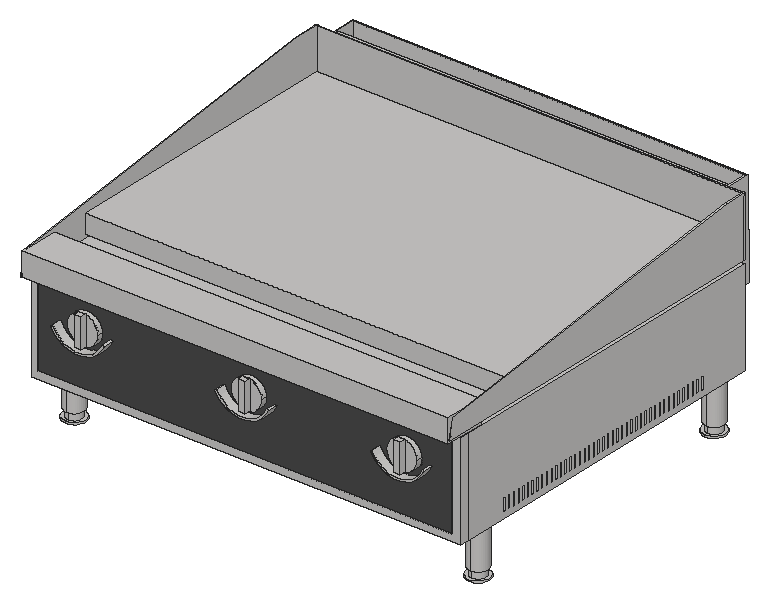
Revit family "QF_Vollrath_936GGM", category Specialty Equipment, Revit 2016
Family settings
  Part Type = Normal
  Round Connector Dimension = Use Diameter
  OmniClass Number = 23.40.40.14.17.21
  OmniClass Title = Grills
  Work Plane-Based = No
  Always vertical = Yes
  Cut with Voids When Loaded = No
  Shared = No
  Room Calculation Point = No
Parameters (values of type "936GGM")
  Width = 36.00"
  Weight in Pounds = 450
  Watermarked By = "http://revitwatermark.com"
  URL Cutsheet = ""
  URL = ""
  Status [instance] = ""
  Specification by User [instance] = ""
  Specification by Manufacturer [instance] = ""
  Serial Number [instance] = ""
  Seismic Rating [instance] = ""
  Revision Code [instance] = ""
  NAFEM Spec ID Number [instance] = ""
  Model = "936GGM"
  Mechanical Remarks [instance] = ""
  Mechanical Connection Type [instance] = ""
  Masterspec [instance] = ""
  Manufacturer = "Vollrath"
  Length = 31.00"
  Item Number [instance] = "-"
  Installed By [instance] = ""
  Height AFF [instance] = 36.62416"
  Gas Size = 3/4"
  Gas RI Height [instance] = 0.00"
  Gas Input = 90000.0 Btu/h
  Gas Connection Height [instance] = Height AFF + 5.375"  # 41.99916"
  Furnished By [instance] = ""
  Foodservice Equipment Identifier [instance] = yes
  Description = "Heavy-Duty Flat Top Gas Griddle"
  CSI MasterFormat = "11 44 00"
  Assembly Code = "E1090320"
Reference planes (in)
  plane 1: z = 0
  plane 2 "BOTTOM": z = 36.62416
  plane 3 "LEFT CLEARANCE": x = -30.72076
  plane 4 "RIGHT CLEARANCE": x = 17.27924
  plane 5 "BACK CLEARANCE": y = 6
  plane 6 "Top of Legs": z = 40.62416
  plane 7 "LEFT": x = -24.72076
  plane 8 "RIGHT": x = 11.27924
  plane 9 "BACK": y = 0
  plane 10: z = 40.37416
  plane 11: z = 40.12416
  plane 12: z = 41.5
  plane 13: y = -0.125
  plane 14: x = -24.59576
  plane 15 "Grease Trap": z = 49.00416
  plane 16 "TOP": z = 54.00416
  plane 17: y = -54.1
  plane 18: z = 37.04079
  plane 19: y = 1.5
  plane 20: z = 45.87416
  plane 21: z = 46.04707
  plane 22: z = 50.62916
  plane 23 "FRONT": y = -33
  plane 24: y = -29.62
  plane 25: y = -26.37
  plane 26: x = 11.15424
  plane 27: x = 10.53171
  plane 28: x = -2.0635
  plane 29: x = 9.9365
  plane 30: x = -6.72076
  plane 31: x = -6.22076
  plane 32: x = -6.72076
Forms (in)
  Extrusion 1, solid, material "QF_Finishes_Stainless Steel"
    sketch origin (0, -2, 36.62416) x (0, 1, 0) y (-1, 0, 0)
      loop
        circle (-2, 23.59576) r 0.9375
    from 0 to 0.125
  Extrusion 2, solid, material "QF_Finishes_Stainless Steel"
    sketch origin (0, -2, 36.62416) x (0, 1, 0) y (-1, 0, 0)
      loop
        circle (-2, 23.59576) r 0.625
    from 0.125 to 0.75
  Extrusion 3, solid, material "QF_Finishes_Stainless Steel"
    sketch origin (0, -2, 36.62416) x (0, 1, 0) y (-1, 0, 0)
      loop
        circle (-2, 23.59576) r 0.8125
    from 0.75 to 4
  Extrusion 4, solid, material "QF_Finishes_Stainless Steel"
    sketch origin (33.375, -2, 36.62416) x (0, 1, 0) y (-1, 0, 0)
      loop
        circle (-2, 23.09576) r 0.9375
    from 0 to 0.125
  Extrusion 5, solid, material "QF_Finishes_Stainless Steel"
    sketch origin (33.375, -2, 36.62416) x (0, 1, 0) y (-1, 0, 0)
      loop
        circle (-2, 23.09576) r 0.625
    from 0.125 to 0.75
  Extrusion 6, solid, material "QF_Finishes_Stainless Steel"
    sketch origin (33.375, -2, 36.62416) x (0, 1, 0) y (-1, 0, 0)
      loop
        circle (-2, 23.09576) r 0.8125
    from 0.75 to 4
  Extrusion 7, solid, material "QF_Finishes_Stainless Steel"
    sketch origin (33.375, -27.75, 36.62416) x (0, 1, 0) y (-1, 0, 0)
      loop
        circle (-1, 23.09576) r 0.9375
    from 0 to 0.125
  Extrusion 8, solid, material "QF_Finishes_Stainless Steel"
    sketch origin (33.375, -27.75, 36.62416) x (0, 1, 0) y (-1, 0, 0)
      loop
        circle (-1, 23.09576) r 0.625
    from 0.125 to 0.75
  Extrusion 9, solid, material "QF_Finishes_Stainless Steel"
    sketch origin (33.375, -27.75, 36.62416) x (0, 1, 0) y (-1, 0, 0)
      loop
        circle (-1, 23.09576) r 0.8125
    from 0.75 to 4
  Extrusion 10, solid, material "QF_Finishes_Stainless Steel"
    sketch origin (0, -27.75, 36.62416) x (0, 1, 0) y (-1, 0, 0)
      loop
        circle (-1, 23.59576) r 0.9375
    from 0 to 0.125
  Extrusion 11, solid, material "QF_Finishes_Stainless Steel"
    sketch origin (0, -27.75, 36.62416) x (0, 1, 0) y (-1, 0, 0)
      loop
        circle (-1, 23.59576) r 0.625
    from 0.125 to 0.75
  Extrusion 12, solid, material "QF_Finishes_Stainless Steel"
    sketch origin (0, -27.75, 36.62416) x (0, 1, 0) y (-1, 0, 0)
      loop
        circle (-1, 23.59576) r 0.8125
    from 0.75 to 4
  Extrusion 13, solid, material "QF_Finishes_Stainless Steel"
    sketch origin (0, -2, 36.62416) x (0, 1, 0) y (-1, 0, 0)
      loop
        line (0, 24.72076) -> (-29.04599, 24.72076) -> (-29.04599, -11.27924) -> (0, -11.27924) -> (0, 24.72076)
    from 4 to 12.06
  Extrusion 14, solid, material "QF_Finishes_Black"
    sketch origin (0, -2, 0) x (1, 0, 0) y (0, 0, 1)
      loop
        line (-18.72076, 40.62416) -> (-18.72076, 40.37416) -> (-10.62326, 40.37416) -> (-10.62326, 40.62416) -> (-18.72076, 40.62416)
    from 20.18353 to 29.04599
  Extrusion 15, solid, material "QF_Finishes_Clearances", detail levels coarse
    sketch origin (0, 0, 36.62416) x (0, 1, 0) y (-1, 0, 0)
      loop
        line (6, 30.72076) -> (-33, 30.72076) -> (-33, 24.72076) -> (6, 24.72076) -> (6, 30.72076)
    from 0 to 17.38
  Extrusion 16, solid, material "QF_Finishes_Clearances", detail levels coarse
    sketch origin (0, 0, 36.62416) x (0, 1, 0) y (-1, 0, 0)
      loop
        line (6, -11.27924) -> (-33, -11.27924) -> (-33, -17.27924) -> (6, -17.27924) -> (6, -11.27924)
    from 0 to 17.38
  Extrusion 17, solid, material "QF_Finishes_Clearances", detail levels coarse
    sketch origin (0, 0, 36.62416) x (0, 1, 0) y (-1, 0, 0)
      loop
        line (6, 24.72076) -> (0, 24.72076) -> (0, -11.27924) -> (6, -11.27924) -> (6, 24.72076)
    from 0 to 17.38
  Extrusion 18, solid, material "QF_Finishes_Stainless Steel"
    sketch origin (9.31103, -2, 0) x (1, 0, 0) y (0, 0, 1)
      loop
        circle (-9.53179, 42.12416) r 0.375
    from -1.5 to 0
  Extrusion 19, solid, material "QF_Finishes_Stainless Steel"
    sketch origin (-36.59576, -2, 0) x (0, 1, 0) y (0, 0, 1)
      loop
        line (-30.61071, 50.54818) -> (-31.00644, 48.68416) -> (0, 48.68416) -> (0, 54.00416) -> (-2.02013, 54.00416) -> (-30.61071, 50.54818)
    from 11.875 to 12
  Extrusion 20, solid, material "QF_Finishes_Stainless Steel"
    sketch origin (-24.72076, -2, 0) x (0, 1, 0) y (0, 0, 1)
      loop
        line (-27.62, 48.68416) -> (-27.62, 50.62916) -> (-31, 50.62916) -> (-31, 48.68416) -> (-27.62, 48.68416)
    from 0.125 to 35.875
  Extrusion 21, solid, material "QF_Finishes_Stainless Steel"
    sketch origin (0, -2, 10.62416) x (1, 0, 0) y (0, 0, 1)
      loop
        line (-24.72076, 38.06) -> (-24.72076, 30) -> (11.27924, 30) -> (11.27924, 38.06) -> (-24.72076, 38.06)
      loop
        line (-24.21829, 37.52818) -> (-24.21829, 30.59949) -> (10.53171, 30.59949) -> (10.53171, 37.52818) -> (-24.21829, 37.52818)
    from 29.04599 to 29.79599
  Extrusion 22, solid, material "QF_Finishes_Stainless Steel"
    sketch origin (-12.72076, -2, 0) x (0, 1, 0) y (0, 0, 1)
      loop
        line (-30.61026, 50.52484) -> (-31, 49.00416) -> (0, 49.00416) -> (0, 54.00416) -> (-1.85356, 54.00416) -> (-30.61026, 50.52484)
    from 23.875 to 24
  Extrusion 23, solid, material "QF_Finishes_Stainless Steel"
    sketch origin (-24.72076, -2, 0) x (0, 1, 0) y (0, 0, 1)
      loop
        line (-0.125, 54.00416) -> (-0.125, 49.00416) -> (0, 49.00416) -> (0, 54.00416) -> (-0.125, 54.00416)
    from 0 to 36
  Extrusion 24, solid, material "QF_Finishes_Black"
    sketch origin (0, -2, 10.62416) x (1, 0, 0) y (0, 0, 1)
      loop
        line (-24.21829, 37.52818) -> (-24.21829, 30.59949) -> (10.53171, 30.59949) -> (10.53171, 37.52818) -> (-24.21829, 37.52818)
      loop
        circle (-20.11576, 35.36228) r 1.25
      loop
        circle (6.70498, 35.36228) r 1.25
      loop
        circle (-6.32326, 35.36228) r 1.25
    from 29.04599 to 29.79599
  Extrusion 25, void
    sketch origin (-24.72076, -2, 0) x (0, 1, 0) y (0, 0, 1)
      loop
        line (-25.39258, 42.24738) -> (-25.39258, 41.12155) -> (-25.14258, 41.12155) -> (-25.14258, 42.24738) -> (-25.39258, 42.24738)
      loop
        line (-24.89258, 42.24738) -> (-24.89258, 41.12155) -> (-24.64258, 41.12155) -> (-24.64258, 42.24738) -> (-24.89258, 42.24738)
      loop
        line (-24.39258, 42.24738) -> (-24.39258, 41.12155) -> (-24.14258, 41.12155) -> (-24.14258, 42.24738) -> (-24.39258, 42.24738)
      loop
        line (-23.89258, 42.24738) -> (-23.89258, 41.12155) -> (-23.64258, 41.12155) -> (-23.64258, 42.24738) -> (-23.89258, 42.24738)
      loop
        line (-23.39258, 42.24738) -> (-23.39258, 41.12155) -> (-23.14258, 41.12155) -> (-23.14258, 42.24738) -> (-23.39258, 42.24738)
      loop
        line (-22.89258, 42.24738) -> (-22.89258, 41.12155) -> (-22.64258, 41.12155) -> (-22.64258, 42.24738) -> (-22.89258, 42.24738)
      loop
        line (-22.43353, 42.24738) -> (-22.43353, 41.12155) -> (-22.18353, 41.12155) -> (-22.18353, 42.24738) -> (-22.43353, 42.24738)
      loop
        line (-21.93353, 42.24738) -> (-21.93353, 41.12155) -> (-21.68353, 41.12155) -> (-21.68353, 42.24738) -> (-21.93353, 42.24738)
      loop
        line (-21.43353, 42.24738) -> (-21.43353, 41.12155) -> (-21.18353, 41.12155) -> (-21.18353, 42.24738) -> (-21.43353, 42.24738)
      loop
        line (-20.93353, 42.24738) -> (-20.93353, 41.12155) -> (-20.68353, 41.12155) -> (-20.68353, 42.24738) -> (-20.93353, 42.24738)
      loop
        line (-20.43353, 42.24738) -> (-20.43353, 41.12155) -> (-20.18353, 41.12155) -> (-20.18353, 42.24738) -> (-20.43353, 42.24738)
      loop
        line (-19.93353, 42.24738) -> (-19.93353, 41.12155) -> (-19.68353, 41.12155) -> (-19.68353, 42.24738) -> (-19.93353, 42.24738)
      loop
        line (-19.47447, 42.24738) -> (-19.47447, 41.12155) -> (-19.22447, 41.12155) -> (-19.22447, 42.24738) -> (-19.47447, 42.24738)
      loop
        line (-18.97447, 42.24738) -> (-18.97447, 41.12155) -> (-18.72447, 41.12155) -> (-18.72447, 42.24738) -> (-18.97447, 42.24738)
      loop
        line (-18.47447, 42.24738) -> (-18.47447, 41.12155) -> (-18.22447, 41.12155) -> (-18.22447, 42.24738) -> (-18.47447, 42.24738)
      loop
        line (-17.97447, 42.24738) -> (-17.97447, 41.12155) -> (-17.72447, 41.12155) -> (-17.72447, 42.24738) -> (-17.97447, 42.24738)
      loop
        line (-17.47447, 42.24738) -> (-17.47447, 41.12155) -> (-17.22447, 41.12155) -> (-17.22447, 42.24738) -> (-17.47447, 42.24738)
      loop
        line (-16.97447, 42.24738) -> (-16.97447, 41.12155) -> (-16.72447, 41.12155) -> (-16.72447, 42.24738) -> (-16.97447, 42.24738)
      loop
        line (-16.51542, 42.24738) -> (-16.51542, 41.12155) -> (-16.26542, 41.12155) -> (-16.26542, 42.24738) -> (-16.51542, 42.24738)
      loop
        line (-16.01542, 42.24738) -> (-16.01542, 41.12155) -> (-15.76542, 41.12155) -> (-15.76542, 42.24738) -> (-16.01542, 42.24738)
      loop
        line (-15.51542, 42.24738) -> (-15.51542, 41.12155) -> (-15.26542, 41.12155) -> (-15.26542, 42.24738) -> (-15.51542, 42.24738)
      loop
        line (-15.01542, 42.24738) -> (-15.01542, 41.12155) -> (-14.76542, 41.12155) -> (-14.76542, 42.24738) -> (-15.01542, 42.24738)
      loop
        line (-14.51542, 42.24738) -> (-14.51542, 41.12155) -> (-14.26542, 41.12155) -> (-14.26542, 42.24738) -> (-14.51542, 42.24738)
      loop
        line (-14.01542, 42.24738) -> (-14.01542, 41.12155) -> (-13.76542, 41.12155) -> (-13.76542, 42.24738) -> (-14.01542, 42.24738)
      loop
        line (-13.55636, 42.24738) -> (-13.55636, 41.12155) -> (-13.30636, 41.12155) -> (-13.30636, 42.24738) -> (-13.55636, 42.24738)
      loop
        line (-13.05636, 42.24738) -> (-13.05636, 41.12155) -> (-12.80636, 41.12155) -> (-12.80636, 42.24738) -> (-13.05636, 42.24738)
      loop
        line (-12.55636, 42.24738) -> (-12.55636, 41.12155) -> (-12.30636, 41.12155) -> (-12.30636, 42.24738) -> (-12.55636, 42.24738)
      loop
        line (-12.05636, 42.24738) -> (-12.05636, 41.12155) -> (-11.80636, 41.12155) -> (-11.80636, 42.24738) -> (-12.05636, 42.24738)
      loop
        line (-11.55636, 42.24738) -> (-11.55636, 41.12155) -> (-11.30636, 41.12155) -> (-11.30636, 42.24738) -> (-11.55636, 42.24738)
      loop
        line (-11.05636, 42.24738) -> (-11.05636, 41.12155) -> (-10.80636, 41.12155) -> (-10.80636, 42.24738) -> (-11.05636, 42.24738)
      loop
        line (-10.59731, 42.24738) -> (-10.59731, 41.12155) -> (-10.34731, 41.12155) -> (-10.34731, 42.24738) -> (-10.59731, 42.24738)
      loop
        line (-10.09731, 42.24738) -> (-10.09731, 41.12155) -> (-9.84731, 41.12155) -> (-9.84731, 42.24738) -> (-10.09731, 42.24738)
      loop
        line (-9.59731, 42.24738) -> (-9.59731, 41.12155) -> (-9.34731, 41.12155) -> (-9.34731, 42.24738) -> (-9.59731, 42.24738)
      loop
        line (-9.09731, 42.24738) -> (-9.09731, 41.12155) -> (-8.84731, 41.12155) -> (-8.84731, 42.24738) -> (-9.09731, 42.24738)
      loop
        line (-8.63825, 42.24738) -> (-8.63825, 41.12155) -> (-8.38825, 41.12155) -> (-8.38825, 42.24738) -> (-8.63825, 42.24738)
      loop
        line (-8.13825, 42.24738) -> (-8.13825, 41.12155) -> (-7.88825, 41.12155) -> (-7.88825, 42.24738) -> (-8.13825, 42.24738)
      loop
        line (-7.63825, 42.24738) -> (-7.63825, 41.12155) -> (-7.38825, 41.12155) -> (-7.38825, 42.24738) -> (-7.63825, 42.24738)
      loop
        line (-7.13825, 42.24738) -> (-7.13825, 41.12155) -> (-6.88825, 41.12155) -> (-6.88825, 42.24738) -> (-7.13825, 42.24738)
      loop
        line (-6.63825, 42.24738) -> (-6.63825, 41.12155) -> (-6.38825, 41.12155) -> (-6.38825, 42.24738) -> (-6.63825, 42.24738)
      loop
        line (-6.13825, 42.24738) -> (-6.13825, 41.12155) -> (-5.88825, 41.12155) -> (-5.88825, 42.24738) -> (-6.13825, 42.24738)
      loop
        line (-5.63825, 42.24738) -> (-5.63825, 41.12155) -> (-5.38825, 41.12155) -> (-5.38825, 42.24738) -> (-5.63825, 42.24738)
      loop
        line (-5.13825, 42.24738) -> (-5.13825, 41.12155) -> (-4.88825, 41.12155) -> (-4.88825, 42.24738) -> (-5.13825, 42.24738)
      loop
        line (-4.63825, 42.24738) -> (-4.63825, 41.12155) -> (-4.38825, 41.12155) -> (-4.38825, 42.24738) -> (-4.63825, 42.24738)
    from 35.59894 to 36
  Extrusion 26, void
    sketch origin (-48.47076, -2, 0) x (0, 1, 0) y (0, 0, 1)
      loop
        line (-25.39258, 42.24738) -> (-25.39258, 41.12155) -> (-25.14258, 41.12155) -> (-25.14258, 42.24738) -> (-25.39258, 42.24738)
      loop
        line (-24.89258, 42.24738) -> (-24.89258, 41.12155) -> (-24.64258, 41.12155) -> (-24.64258, 42.24738) -> (-24.89258, 42.24738)
      loop
        line (-24.39258, 42.24738) -> (-24.39258, 41.12155) -> (-24.14258, 41.12155) -> (-24.14258, 42.24738) -> (-24.39258, 42.24738)
      loop
        line (-23.89258, 42.24738) -> (-23.89258, 41.12155) -> (-23.64258, 41.12155) -> (-23.64258, 42.24738) -> (-23.89258, 42.24738)
      loop
        line (-23.39258, 42.24738) -> (-23.39258, 41.12155) -> (-23.14258, 41.12155) -> (-23.14258, 42.24738) -> (-23.39258, 42.24738)
      loop
        line (-22.89258, 42.24738) -> (-22.89258, 41.12155) -> (-22.64258, 41.12155) -> (-22.64258, 42.24738) -> (-22.89258, 42.24738)
      loop
        line (-22.43353, 42.24738) -> (-22.43353, 41.12155) -> (-22.18353, 41.12155) -> (-22.18353, 42.24738) -> (-22.43353, 42.24738)
      loop
        line (-21.93353, 42.24738) -> (-21.93353, 41.12155) -> (-21.68353, 41.12155) -> (-21.68353, 42.24738) -> (-21.93353, 42.24738)
      loop
        line (-21.43353, 42.24738) -> (-21.43353, 41.12155) -> (-21.18353, 41.12155) -> (-21.18353, 42.24738) -> (-21.43353, 42.24738)
      loop
        line (-20.93353, 42.24738) -> (-20.93353, 41.12155) -> (-20.68353, 41.12155) -> (-20.68353, 42.24738) -> (-20.93353, 42.24738)
      loop
        line (-20.43353, 42.24738) -> (-20.43353, 41.12155) -> (-20.18353, 41.12155) -> (-20.18353, 42.24738) -> (-20.43353, 42.24738)
      loop
        line (-19.93353, 42.24738) -> (-19.93353, 41.12155) -> (-19.68353, 41.12155) -> (-19.68353, 42.24738) -> (-19.93353, 42.24738)
      loop
        line (-19.47447, 42.24738) -> (-19.47447, 41.12155) -> (-19.22447, 41.12155) -> (-19.22447, 42.24738) -> (-19.47447, 42.24738)
      loop
        line (-18.97447, 42.24738) -> (-18.97447, 41.12155) -> (-18.72447, 41.12155) -> (-18.72447, 42.24738) -> (-18.97447, 42.24738)
      loop
        line (-18.47447, 42.24738) -> (-18.47447, 41.12155) -> (-18.22447, 41.12155) -> (-18.22447, 42.24738) -> (-18.47447, 42.24738)
      loop
        line (-17.97447, 42.24738) -> (-17.97447, 41.12155) -> (-17.72447, 41.12155) -> (-17.72447, 42.24738) -> (-17.97447, 42.24738)
      loop
        line (-17.47447, 42.24738) -> (-17.47447, 41.12155) -> (-17.22447, 41.12155) -> (-17.22447, 42.24738) -> (-17.47447, 42.24738)
      loop
        line (-16.97447, 42.24738) -> (-16.97447, 41.12155) -> (-16.72447, 41.12155) -> (-16.72447, 42.24738) -> (-16.97447, 42.24738)
      loop
        line (-16.51542, 42.24738) -> (-16.51542, 41.12155) -> (-16.26542, 41.12155) -> (-16.26542, 42.24738) -> (-16.51542, 42.24738)
      loop
        line (-16.01542, 42.24738) -> (-16.01542, 41.12155) -> (-15.76542, 41.12155) -> (-15.76542, 42.24738) -> (-16.01542, 42.24738)
      loop
        line (-15.51542, 42.24738) -> (-15.51542, 41.12155) -> (-15.26542, 41.12155) -> (-15.26542, 42.24738) -> (-15.51542, 42.24738)
      loop
        line (-15.01542, 42.24738) -> (-15.01542, 41.12155) -> (-14.76542, 41.12155) -> (-14.76542, 42.24738) -> (-15.01542, 42.24738)
      loop
        line (-14.51542, 42.24738) -> (-14.51542, 41.12155) -> (-14.26542, 41.12155) -> (-14.26542, 42.24738) -> (-14.51542, 42.24738)
      loop
        line (-14.01542, 42.24738) -> (-14.01542, 41.12155) -> (-13.76542, 41.12155) -> (-13.76542, 42.24738) -> (-14.01542, 42.24738)
      loop
        line (-13.55636, 42.24738) -> (-13.55636, 41.12155) -> (-13.30636, 41.12155) -> (-13.30636, 42.24738) -> (-13.55636, 42.24738)
      loop
        line (-13.05636, 42.24738) -> (-13.05636, 41.12155) -> (-12.80636, 41.12155) -> (-12.80636, 42.24738) -> (-13.05636, 42.24738)
      loop
        line (-12.55636, 42.24738) -> (-12.55636, 41.12155) -> (-12.30636, 41.12155) -> (-12.30636, 42.24738) -> (-12.55636, 42.24738)
      loop
        line (-12.05636, 42.24738) -> (-12.05636, 41.12155) -> (-11.80636, 41.12155) -> (-11.80636, 42.24738) -> (-12.05636, 42.24738)
      loop
        line (-11.55636, 42.24738) -> (-11.55636, 41.12155) -> (-11.30636, 41.12155) -> (-11.30636, 42.24738) -> (-11.55636, 42.24738)
      loop
        line (-11.05636, 42.24738) -> (-11.05636, 41.12155) -> (-10.80636, 41.12155) -> (-10.80636, 42.24738) -> (-11.05636, 42.24738)
      loop
        line (-10.59731, 42.24738) -> (-10.59731, 41.12155) -> (-10.34731, 41.12155) -> (-10.34731, 42.24738) -> (-10.59731, 42.24738)
      loop
        line (-10.13825, 42.24738) -> (-10.13825, 41.12155) -> (-9.88825, 41.12155) -> (-9.88825, 42.24738) -> (-10.13825, 42.24738)
      loop
        line (-9.63825, 42.24738) -> (-9.63825, 41.12155) -> (-9.38825, 41.12155) -> (-9.38825, 42.24738) -> (-9.63825, 42.24738)
      loop
        line (-9.13825, 42.24738) -> (-9.13825, 41.12155) -> (-8.88825, 41.12155) -> (-8.88825, 42.24738) -> (-9.13825, 42.24738)
      loop
        line (-8.63825, 42.24738) -> (-8.63825, 41.12155) -> (-8.38825, 41.12155) -> (-8.38825, 42.24738) -> (-8.63825, 42.24738)
      loop
        line (-8.13825, 42.24738) -> (-8.13825, 41.12155) -> (-7.88825, 41.12155) -> (-7.88825, 42.24738) -> (-8.13825, 42.24738)
      loop
        line (-7.63825, 42.24738) -> (-7.63825, 41.12155) -> (-7.38825, 41.12155) -> (-7.38825, 42.24738) -> (-7.63825, 42.24738)
      loop
        line (-7.1792, 42.24738) -> (-7.1792, 41.12155) -> (-6.9292, 41.12155) -> (-6.9292, 42.24738) -> (-7.1792, 42.24738)
      loop
        line (-6.6792, 42.24738) -> (-6.6792, 41.12155) -> (-6.4292, 41.12155) -> (-6.4292, 42.24738) -> (-6.6792, 42.24738)
      loop
        line (-6.1792, 42.24738) -> (-6.1792, 41.12155) -> (-5.9292, 41.12155) -> (-5.9292, 42.24738) -> (-6.1792, 42.24738)
      loop
        line (-5.6792, 42.24738) -> (-5.6792, 41.12155) -> (-5.4292, 41.12155) -> (-5.4292, 42.24738) -> (-5.6792, 42.24738)
      loop
        line (-5.1792, 42.24738) -> (-5.1792, 41.12155) -> (-4.9292, 41.12155) -> (-4.9292, 42.24738) -> (-5.1792, 42.24738)
      loop
        line (-4.6792, 42.24738) -> (-4.6792, 41.12155) -> (-4.4292, 41.12155) -> (-4.4292, 42.24738) -> (-4.6792, 42.24738)
    from 23.67052 to 24
  Extrusion 27, solid, material "QF_Finishes_Stainless Steel"
    sketch origin (15.47175, -6, 0.62416) x (1, 0, 0) y (0, 0, 1)
      loop
        circle (-21.79502, 45.36228) r 1.25
    from 25.04599 to 26.25
  Extrusion 28, solid, material "QF_Finishes_Stainless Steel"
    sketch origin (15.47175, -6, 0.66377) x (1, 0, 0) y (0, 0, 1)
      loop
        line (-22.10719, 46.57267) -> (-22.10719, 44.14715) -> (-21.55452, 44.14715) -> (-21.55452, 46.57267) -> (-22.10719, 46.57267)
    from 26.25 to 26.75
  Extrusion 29, solid, material "QF_Finishes_Stainless Steel"
    sketch origin (28.5, -6, 0.62416) x (1, 0, 0) y (0, 0, 1)
      loop
        circle (-21.79502, 45.36228) r 1.25
    from 25.04599 to 26.25
  Extrusion 30, solid, material "QF_Finishes_Stainless Steel"
    sketch origin (28.5, -6, 0.66377) x (1, 0, 0) y (0, 0, 1)
      loop
        line (-22.10719, 46.57267) -> (-22.10719, 44.14715) -> (-21.55452, 44.14715) -> (-21.55452, 46.57267) -> (-22.10719, 46.57267)
    from 26.25 to 26.75
  Extrusion 31, solid, material "QF_Finishes_Stainless Steel", not visible
    sketch origin (0, 0, 0.25) x (1, 0, 0) y (0, 0, 1)
      loop
        circle (-24.02485, 46.05421) r 0.25
    from 0.125 to 25.04599
  Extrusion 32, solid, material "QF_Finishes_Stainless Steel", not visible
    sketch origin (0.8089, 0, 0.25) x (1, 0, 0) y (0, 0, 1)
      loop
        circle (-24.02485, 46.05421) r 0.25
    from 0.125 to 25.04599
  Extrusion 33, solid, material "QF_Finishes_Stainless Steel", not visible
    sketch origin (1.62977, 0, 0.25) x (1, 0, 0) y (0, 0, 1)
      loop
        circle (-24.02485, 46.05421) r 0.25
    from 0.24473 to 25.25
  Extrusion 34, solid, material "QF_Finishes_Stainless Steel", not visible
    sketch origin (2.43868, 0, 0.25) x (1, 0, 0) y (0, 0, 1)
      loop
        circle (-24.02485, 46.05421) r 0.25
    from 0.24473 to 25.04599
  Extrusion 35, solid, material "QF_Finishes_Stainless Steel", not visible
    sketch origin (3.25954, 0, 0.25) x (1, 0, 0) y (0, 0, 1)
      loop
        circle (-24.02485, 46.05421) r 0.25
    from 0.24473 to 25.04599
  Extrusion 36, solid, material "QF_Finishes_Stainless Steel", not visible
    sketch origin (4.06845, 0, 0.25) x (1, 0, 0) y (0, 0, 1)
      loop
        circle (-24.02485, 46.05421) r 0.25
    from 0.125 to 25.75
  Extrusion 37, solid, material "QF_Finishes_Stainless Steel", not visible
    sketch origin (4.88932, 0, 0.25) x (1, 0, 0) y (0, 0, 1)
      loop
        circle (-24.02485, 46.05421) r 0.25
    from 0.125 to 25.04599
  Extrusion 38, solid, material "QF_Finishes_Stainless Steel", not visible
    sketch origin (5.69822, 0, 0.25) x (1, 0, 0) y (0, 0, 1)
      loop
        circle (-24.02485, 46.05421) r 0.25
    from 0.125 to 25.75
  Extrusion 39, solid, material "QF_Finishes_Stainless Steel", not visible
    sketch origin (6.51909, 0, 0.25) x (1, 0, 0) y (0, 0, 1)
      loop
        circle (-24.02485, 46.05421) r 0.25
    from 0.125 to 25.04599
  Extrusion 40, solid, material "QF_Finishes_Stainless Steel", not visible
    sketch origin (7.32799, 0, 0.25) x (1, 0, 0) y (0, 0, 1)
      loop
        circle (-24.02485, 46.05421) r 0.25
    from 0 to 25.04599
  Extrusion 41, solid, material "QF_Finishes_Stainless Steel", not visible
    sketch origin (8.14886, 0, 0.25) x (1, 0, 0) y (0, 0, 1)
      loop
        circle (-24.02485, 46.05421) r 0.25
    from 0 to 25.04599
  Extrusion 42, solid, material "QF_Finishes_Stainless Steel", not visible
    sketch origin (8.95777, 0, 0.25) x (1, 0, 0) y (0, 0, 1)
      loop
        circle (-24.02485, 46.05421) r 0.25
    from 0 to 25.04599
  Extrusion 43, solid, material "QF_Finishes_Stainless Steel", not visible
    sketch origin (9.76477, 0, 0.25) x (1, 0, 0) y (0, 0, 1)
      loop
        circle (-24.02485, 46.05421) r 0.25
    from 0 to 25.04599
  Extrusion 44, solid, material "QF_Finishes_Stainless Steel", not visible
    sketch origin (10.57367, 0, 0.25) x (1, 0, 0) y (0, 0, 1)
      loop
        circle (-24.02485, 46.05421) r 0.25
    from 0 to 25.04599
  Extrusion 45, solid, material "QF_Finishes_Stainless Steel", not visible
    sketch origin (11.39454, 0, 0.25) x (1, 0, 0) y (0, 0, 1)
      loop
        circle (-24.02485, 46.05421) r 0.25
    from 0 to 25.04599
  Extrusion 46, solid, material "QF_Finishes_Stainless Steel", not visible
    sketch origin (12.26638, 0, 0.25) x (1, 0, 0) y (0, 0, 1)
      loop
        circle (-24.02485, 46.05421) r 0.25
    from 0 to 25.04599
  Extrusion 47, solid, material "QF_Finishes_Stainless Steel", not visible
    sketch origin (13.08724, 0, 0.25) x (1, 0, 0) y (0, 0, 1)
      loop
        circle (-24.02485, 46.05421) r 0.25
    from 0 to 25.04599
  Extrusion 48, solid, material "QF_Finishes_Stainless Steel", not visible
    sketch origin (13.89615, 0, 0.25) x (1, 0, 0) y (0, 0, 1)
      loop
        circle (-24.02485, 46.05421) r 0.25
    from 0 to 25.04599
  Extrusion 49, solid, material "QF_Finishes_Stainless Steel", not visible
    sketch origin (15.40006, 0, 0.25) x (1, 0, 0) y (0, 0, 1)
      loop
        circle (-30.52485, 46.05421) r 0.25
    from 0 to 25.04599
  Extrusion 50, solid, material "QF_Finishes_Stainless Steel", not visible
    sketch origin (16.22092, 0, 0.25) x (1, 0, 0) y (0, 0, 1)
      loop
        circle (-30.52485, 46.05421) r 0.25
    from 0 to 25.25
  Extrusion 51, solid, material "QF_Finishes_Stainless Steel", not visible
    sketch origin (17.09276, 0, 0.25) x (1, 0, 0) y (0, 0, 1)
      loop
        circle (-30.52485, 46.05421) r 0.25
    from 0 to 25.04599
  Extrusion 52, solid, material "QF_Finishes_Stainless Steel", not visible
    sketch origin (17.91363, 0, 0.25) x (1, 0, 0) y (0, 0, 1)
      loop
        circle (-30.52485, 46.05421) r 0.25
    from 0 to 25.04599
  Extrusion 53, solid, material "QF_Finishes_Stainless Steel", not visible
    sketch origin (18.72253, 0, 0.25) x (1, 0, 0) y (0, 0, 1)
      loop
        circle (-30.52485, 46.05421) r 0.25
    from 0 to 25.04599
  Extrusion 54, solid, material "QF_Finishes_Stainless Steel", not visible
    sketch origin (19.5434, 0, 0.25) x (1, 0, 0) y (0, 0, 1)
      loop
        circle (-30.52485, 46.05421) r 0.25
    from 0 to 25.04599
  Extrusion 55, solid, material "QF_Finishes_Stainless Steel", not visible
    sketch origin (20.3523, 0, 0.25) x (1, 0, 0) y (0, 0, 1)
      loop
        circle (-30.52485, 46.05421) r 0.25
    from 0 to 25.04599
  Extrusion 56, solid, material "QF_Finishes_Stainless Steel", not visible
    sketch origin (21.17317, 0, 0.25) x (1, 0, 0) y (0, 0, 1)
      loop
        circle (-30.52485, 46.05421) r 0.25
    from 0 to 25.04599
  Extrusion 57, solid, material "QF_Finishes_Stainless Steel", not visible
    sketch origin (21.98208, 0, 0.25) x (1, 0, 0) y (0, 0, 1)
      loop
        circle (-30.52485, 46.05421) r 0.25
    from 0 to 25.04599
  Extrusion 58, solid, material "QF_Finishes_Stainless Steel", not visible
    sketch origin (22.80294, 0, 0.25) x (1, 0, 0) y (0, 0, 1)
      loop
        circle (-30.52485, 46.05421) r 0.25
    from 0 to 25.25
  Extrusion 59, solid, material "QF_Finishes_Stainless Steel", not visible
    sketch origin (23.61185, 0, 0.25) x (1, 0, 0) y (0, 0, 1)
      loop
        circle (-30.52485, 46.05421) r 0.25
    from 0 to 25.04599
  Extrusion 60, solid, material "QF_Finishes_Stainless Steel", not visible
    sketch origin (24.43272, 0, 0.25) x (1, 0, 0) y (0, 0, 1)
      loop
        circle (-30.52485, 46.05421) r 0.25
    from 0 to 25.04599
  Extrusion 61, solid, material "QF_Finishes_Stainless Steel", not visible
    sketch origin (25.24162, 0, 0.25) x (1, 0, 0) y (0, 0, 1)
      loop
        circle (-30.52485, 46.05421) r 0.25
    from 0 to 25.75
  Extrusion 62, solid, material "QF_Finishes_Stainless Steel", not visible
    sketch origin (26.06249, 0, 0.25) x (1, 0, 0) y (0, 0, 1)
      loop
        circle (-30.52485, 46.05421) r 0.25
    from 0 to 25.04599
  Extrusion 63, solid, material "QF_Finishes_Stainless Steel", not visible
    sketch origin (32.58158, 0, 0.25) x (1, 0, 0) y (0, 0, 1)
      loop
        circle (-36.02485, 46.05421) r 0.25
    from 0 to 25.04599
  Extrusion 64, solid, material "QF_Finishes_Stainless Steel", not visible
    sketch origin (33.40244, 0, 0.25) x (1, 0, 0) y (0, 0, 1)
      loop
        circle (-36.02485, 46.05421) r 0.25
    from 0 to 25.04599
  Extrusion 65, solid, material "QF_Finishes_Stainless Steel", not visible
    sketch origin (34.21135, 0, 0.25) x (1, 0, 0) y (0, 0, 1)
      loop
        circle (-36.02485, 46.05421) r 0.25
    from 0 to 25.75
  Sweep 66, solid, material "QF_Finishes_Stainless Steel"
    path origin (13.72175, -32.63083, 0.62416) x (1, 0, 0) y (0, 0, 1)
      loop
        arc (-22.40972, 45.02818) -> (-20.15972, 43.59334) -> (-17.90972, 45.02818) r 2.48155
    profile origin (-6.43797, -32.63083, 44.21751) x (0, 0, 1) y (0, -1, 0)
      loop
        line (0, 0) -> (0, -0.83484) -> (0.14592, -0.83484) -> (0.14592, 0) -> (0, 0)
  Sweep 67, solid, material "QF_Finishes_Stainless Steel"
    path origin (26.75, -32.63083, 0.62416) x (1, 0, 0) y (0, 0, 1)
      loop
        arc (-22.40972, 45.02818) -> (-20.15972, 43.59334) -> (-17.90972, 45.02818) r 2.48155
    profile origin (6.59028, -32.63083, 44.21751) x (0, 0, 1) y (0, -1, 0)
      loop
        line (0, 0) -> (0, -0.83484) -> (0.14592, -0.83484) -> (0.14592, 0) -> (0, 0)
  Extrusion 68, solid, material "QF_Finishes_Stainless Steel"
    sketch origin (0, 0, 36.62416) x (0, 1, 0) y (-1, 0, 0)
      loop
        line (0, 23.22076) -> (-2, 23.22076) -> (-2, -9.9365) -> (0, -9.9365) -> (0, 23.22076)
      loop
        line (-0.125, 23.09841) -> (-1.85689, 23.09841) -> (-1.85689, -9.77924) -> (-0.125, -9.77924) -> (-0.125, 23.09841)
    from 9.4229 to 17.38
  Extrusion 69, solid, material "QF_Finishes_Stainless Steel"
    sketch origin (0, 0, 36.62416) x (0, 1, 0) y (-1, 0, 0)
      loop
        line (0, 23.22076) -> (-2, 23.22076) -> (-2, -9.9365) -> (0, -9.9365) -> (0, 23.22076)
    from 9.25 to 9.4229
  Extrusion 70, solid, material "QF_Finishes_Stainless Steel"
    sketch origin (-24.72076, 0, 0) x (0, 1, 0) y (0, 0, 1)
      loop
        line (-26.37, 50.62916) -> (-26.37, 49.00416) -> (-2.125, 49.00416) -> (-2.125, 50.62916) -> (-26.37, 50.62916)
    from 0.125 to 35.875
  Extrusion 71, solid, material "QF_Finishes_Stainless Steel", not visible
    sketch origin (0.5, -6, 0) x (1, 0, 0) y (0, 0, 1)
      loop
        circle (-21.79502, 45.36228) r 1.25
    from 25.04599 to 26.25
  Extrusion 72, solid, material "QF_Finishes_Stainless Steel", not visible
    sketch origin (0.5, -6, 0.03961) x (1, 0, 0) y (0, 0, 1)
      loop
        line (-22.10719, 46.57267) -> (-22.10719, 44.14715) -> (-21.55452, 44.14715) -> (-21.55452, 46.57267) -> (-22.10719, 46.57267)
    from 26.25 to 26.75
  Extrusion 73, solid, material "QF_Finishes_Stainless Steel", not visible
    sketch origin (16.5, -6, 0) x (1, 0, 0) y (0, 0, 1)
      loop
        circle (-21.79502, 45.36228) r 1.25
    from 25.04599 to 26.25
  Extrusion 74, solid, material "QF_Finishes_Stainless Steel", not visible
    sketch origin (16.5, -6, 0.03961) x (1, 0, 0) y (0, 0, 1)
      loop
        line (-22.10719, 46.57267) -> (-22.10719, 44.14715) -> (-21.55452, 44.14715) -> (-21.55452, 46.57267) -> (-22.10719, 46.57267)
    from 26.25 to 26.75
  Sweep 75, solid, material "QF_Finishes_Stainless Steel", not visible
    path origin (-1.25, -32.63083, 0) x (1, 0, 0) y (0, 0, 1)
      loop
        arc (-22.40972, 45.02818) -> (-20.15972, 43.59334) -> (-17.90972, 45.02818) r 2.48155
    profile origin (-21.40972, -32.63083, 43.59334) x (0, 0, 1) y (0, -1, 0)
      loop
        line (0, 0) -> (0, -0.83484) -> (0.14592, -0.83484) -> (0.14592, 0) -> (0, 0)
  Sweep 76, solid, material "QF_Finishes_Stainless Steel", not visible
    path origin (14.75, -32.63083, 0) x (1, 0, 0) y (0, 0, 1)
      loop
        arc (-22.40972, 45.02818) -> (-20.15972, 43.59334) -> (-17.90972, 45.02818) r 2.48155
    profile origin (-5.40972, -32.63083, 43.59334) x (0, 0, 1) y (0, -1, 0)
      loop
        line (0, 0) -> (0, -0.83484) -> (0.14592, -0.83484) -> (0.14592, 0) -> (0, 0)
  Extrusion 77, solid, material "QF_Finishes_Stainless Steel"
    sketch origin (-24.72076, 0, 0) x (0, 1, 0) y (0, 0, 1)
      loop
        line (-22.18353, 40.37416) -> (-31.06225, 40.37416) -> (-31.06225, 40.12416) -> (-22.18353, 40.12416) -> (-22.18353, 40.37416)
    from 6 to 14.09749
  Extrusion 78, solid, material "QF_Finishes_Stainless Steel"
    sketch origin (1.7151, -6, 0.62416) x (1, 0, 0) y (0, 0, 1)
      loop
        circle (-21.79502, 45.36228) r 1.25
    from 25.04599 to 26.25
  Extrusion 79, solid, material "QF_Finishes_Stainless Steel"
    sketch origin (1.7151, -6, 0.66377) x (1, 0, 0) y (0, 0, 1)
      loop
        line (-22.10719, 46.57267) -> (-22.10719, 44.14715) -> (-21.55452, 44.14715) -> (-21.55452, 46.57267) -> (-22.10719, 46.57267)
    from 26.25 to 26.75
  Sweep 80, solid, material "QF_Finishes_Stainless Steel"
    path origin (-0.0349, -32.63083, 0.62416) x (1, 0, 0) y (0, 0, 1)
      loop
        arc (-22.40972, 45.02818) -> (-20.15972, 43.59334) -> (-17.90972, 45.02818) r 2.48155
    profile origin (-20.19462, -32.63083, 44.21751) x (0, 0, 1) y (0, -1, 0)
      loop
        line (0, 0) -> (0, -0.83484) -> (0.14592, -0.83484) -> (0.14592, 0) -> (0, 0)
  Extrusion 81, solid, material "QF_Finishes_Stainless Steel", not visible
    sketch origin (15.47175, -6, 0) x (1, 0, 0) y (0, 0, 1)
      loop
        circle (-21.79502, 45.36228) r 1.25
    from 25.04599 to 26.25
  Extrusion 82, solid, material "QF_Finishes_Stainless Steel", not visible
    sketch origin (15.47175, -6, 0.03961) x (1, 0, 0) y (0, 0, 1)
      loop
        line (-22.10719, 46.57267) -> (-22.10719, 44.14715) -> (-21.55452, 44.14715) -> (-21.55452, 46.57267) -> (-22.10719, 46.57267)
    from 26.25 to 26.75
  Extrusion 83, solid, material "QF_Finishes_Stainless Steel", not visible
    sketch origin (28.5, -6, 0) x (1, 0, 0) y (0, 0, 1)
      loop
        circle (-21.79502, 45.36228) r 1.25
    from 25.04599 to 26.25
  Extrusion 84, solid, material "QF_Finishes_Stainless Steel", not visible
    sketch origin (28.5, -6, 0.03961) x (1, 0, 0) y (0, 0, 1)
      loop
        line (-22.10719, 46.57267) -> (-22.10719, 44.14715) -> (-21.55452, 44.14715) -> (-21.55452, 46.57267) -> (-22.10719, 46.57267)
    from 26.25 to 26.75
  Sweep 85, solid, material "QF_Finishes_Stainless Steel", not visible
    path origin (13.72175, -32.63083, 0) x (1, 0, 0) y (0, 0, 1)
      loop
        arc (-22.40972, 45.02818) -> (-20.15972, 43.59334) -> (-17.90972, 45.02818) r 2.48155
    profile origin (-6.43797, -32.63083, 43.59334) x (0, 0, 1) y (0, -1, 0)
      loop
        line (0, 0) -> (0, -0.83484) -> (0.14592, -0.83484) -> (0.14592, 0) -> (0, 0)
  Sweep 86, solid, material "QF_Finishes_Stainless Steel", not visible
    path origin (26.75, -32.63083, 0) x (1, 0, 0) y (0, 0, 1)
      loop
        arc (-22.40972, 45.02818) -> (-20.15972, 43.59334) -> (-17.90972, 45.02818) r 2.48155
    profile origin (6.59028, -32.63083, 43.59334) x (0, 0, 1) y (0, -1, 0)
      loop
        line (0, 0) -> (0, -0.83484) -> (0.14592, -0.83484) -> (0.14592, 0) -> (0, 0)
  Extrusion 87, solid, material "QF_Finishes_Stainless Steel", not visible
    sketch origin (1.7151, -6, 0) x (1, 0, 0) y (0, 0, 1)
      loop
        circle (-21.79502, 45.36228) r 1.25
    from 25.04599 to 26.25
  Extrusion 88, solid, material "QF_Finishes_Stainless Steel", not visible
    sketch origin (1.7151, -6, 0.03961) x (1, 0, 0) y (0, 0, 1)
      loop
        line (-22.10719, 46.57267) -> (-22.10719, 44.14715) -> (-21.55452, 44.14715) -> (-21.55452, 46.57267) -> (-22.10719, 46.57267)
    from 26.25 to 26.75
  Sweep 89, solid, material "QF_Finishes_Stainless Steel", not visible
    path origin (-0.0349, -32.63083, 0) x (1, 0, 0) y (0, 0, 1)
      loop
        arc (-22.40972, 45.02818) -> (-20.15972, 43.59334) -> (-17.90972, 45.02818) r 2.48155
    profile origin (-20.19462, -32.63083, 43.59334) x (0, 0, 1) y (0, -1, 0)
      loop
        line (0, 0) -> (0, -0.83484) -> (0.14592, -0.83484) -> (0.14592, 0) -> (0, 0)
  Extrusion 90, solid, material "QF_Finishes_Stainless Steel", not visible
    sketch origin (0, -2, 10) x (1, 0, 0) y (0, 0, 1)
      loop
        line (-24.72076, 38.06) -> (-24.72076, 30) -> (11.27924, 30) -> (11.27924, 38.06) -> (-24.72076, 38.06)
      loop
        line (-24.21829, 37.52818) -> (-24.21829, 30.59949) -> (10.53171, 30.59949) -> (10.53171, 37.52818) -> (-24.21829, 37.52818)
    from 29.04599 to 29.79599
  Extrusion 91, solid, material "QF_Finishes_Black", not visible
    sketch origin (0, -2, 10) x (1, 0, 0) y (0, 0, 1)
      loop
        line (-24.21829, 37.52818) -> (-24.21829, 30.59949) -> (10.53171, 30.59949) -> (10.53171, 37.52818) -> (-24.21829, 37.52818)
      loop
        circle (-20.11576, 35.36228) r 1.25
      loop
        circle (6.70498, 35.36228) r 1.25
      loop
        circle (-6.32326, 35.36228) r 1.25
    from 29.04599 to 29.79599
Cuts and joins
  Extrusion 25, Extrusion 26 cuts Extrusion 13
  Extrusion 25 cuts Extrusion 15
  Extrusion 26 cuts Extrusion 16
  joined: Extrusion 68, Extrusion 69
Lines and regions (in)
  symbolic lines, style "QF_Clearances", detail levels coarse
    curve 1: line (-30.72076, -31, 36.62416) -> (-30.72076, 6, 36.62416)
    curve 2: line (-30.72076, 6, 36.62416) -> (-24.72076, 6, 36.62416)
    curve 3: line (-24.72076, 6, 36.62416) -> (11.27924, 6, 36.62416)
    curve 4: line (11.27924, 6, 36.62416) -> (17.27924, 6, 36.62416)
    curve 5: line (17.27924, 6, 36.62416) -> (17.27924, -31, 36.62416)
  symbolic lines
    curve 6: line (-24.72076, -2, 36.62416) -> (11.27924, -2, 36.62416)
    curve 7: line (11.27924, -2, 36.62416) -> (11.27924, -29.62, 36.62416)
    curve 8: line (11.27924, -29.62, 36.62416) -> (-24.72076, -29.62, 36.62416)
    curve 9: line (-24.72076, -29.62, 36.62416) -> (-24.72076, -2, 36.62416)
    curve 10: line (-24.72076, -33, 36.62416) -> (11.27924, -33, 36.62416)
    curve 14: line (11.27924, -26.37, 36.62416) -> (-24.72076, -26.37, 36.62416)
    curve 20: line (-22.22076, -26.37, 49.00416) -> (-22.22076, -29.62, 49.00416)
    curve 21: line (-18.22076, -29.70768, 49.00416) -> (-18.22076, -26.45768, 49.00416)
  symbolic lines, style "QF_Clearances", detail levels coarse+fine
    curve 11: line (-10.62198, -33, 36.62416) -> (-10.62198, -54.1, 36.62416)
    curve 12: line (-10.62198, -54.1, 36.62416) -> (-18.82198, -54.1, 36.62416)
    curve 13: line (-18.82198, -54.1, 36.62416) -> (-18.82198, -33, 36.62416)
  symbolic lines, style "SpecialityEquipment"
    curve 15: line (9.9365, -2, 36.62416) -> (9.9365, 0, 36.62416)
    curve 16: line (9.9365, 0, 36.62416) -> (-23.22076, 0, 36.62416)
    curve 17: line (-23.22076, 0, 36.62416) -> (-23.22076, -2, 36.62416)
  model lines
    curve 18: line (-22.22076, -29.62, 49.00416) -> (-22.22076, -26.37, 49.00416)
    curve 19: line (-18.22076, -26.45768, 49.00416) -> (-18.22076, -29.70768, 49.00416)
Dimensions and locks (in)
  "Height AFF": plane 2 "BOTTOM" to level
  plane 3 "LEFT CLEARANCE" to plane 7 "LEFT" = 6.00"
  locked: plane 8 "RIGHT" to plane 4 "RIGHT CLEARANCE" at 6
  plane 5 "BACK CLEARANCE" to plane 9 "BACK" = 6.00"
  locked: Extrusion 18 sketch curve to plane 6 "Top of Legs" at 1.5
  locked: plane 6 "Top of Legs" to plane 2 "BOTTOM" at 4
  locked: plane 10 to plane 11 at 0.25
  locked: plane 6 "Top of Legs" to plane 10 at 0.25
  plane 12 to plane 6 "Top of Legs" = 0.87584"
  plane 17 to Extrusion 20 = 21.10"
  locked: plane 22 to plane 15 "Grease Trap" at 1.625
  locked: plane 16 "TOP" to plane 22 at 3.375
  locked: Extrusion 29 to plane 2 "BOTTOM" at 9.36228
  locked: plane 26 to plane 8 "RIGHT" at 0.125
  plane 26 to plane 8 "RIGHT" = 0.125"
  locked: plane 29 to plane 27 at 0.59522
  locked: plane 27 to plane 26 at 0.62253
  "Width": plane 7 "LEFT" to plane 8 "RIGHT"
  equal spacing: plane 7 "LEFT", plane 30, plane 8 "RIGHT"
  curve 13 to curve 11 = 8.20"
  locked: Extrusion 27 to plane 2 "BOTTOM" at 9.36228
  equal spacing: plane 8 "RIGHT", plane 32, plane 7 "LEFT"
  locked: plane 21 to plane 20 at 0.1729
  locked: plane 16 "TOP" to plane 21 at 7.9571
  locked: plane 15 "Grease Trap" to plane 6 "Top of Legs" at 8.38
  aligned and locked: level to plane 1
  aligned and locked: Extrusion 15 to Extrusion 19
  aligned and locked: Extrusion 15 to Extrusion 17
  aligned and locked: Extrusion 15 to Extrusion 22
  aligned and locked: plane 16 "TOP" to Extrusion 15
  aligned and locked: Extrusion 13 to Extrusion 19
  aligned and locked: Extrusion 13 to Extrusion 20
  aligned and locked: Extrusion 16 to Extrusion 17
  aligned and locked: plane 21 to Extrusion 69
  aligned and locked: Extrusion 69 to plane 20
  aligned and locked: Extrusion 68 to Extrusion 69  (x2)
  aligned and locked: Extrusion 17 to Extrusion 68
  aligned and locked: Extrusion 70 sketch curve to plane 22
  aligned and locked: Extrusion 70 sketch curve to Extrusion 23
  aligned and locked: Extrusion 22 to plane 8 "RIGHT"
  aligned and locked: Extrusion 22 to Extrusion 20
  aligned and locked: Extrusion 23 to plane 8 "RIGHT"
  aligned and locked: Extrusion 21 to plane 8 "RIGHT"
  aligned and locked: Extrusion 24 to Extrusion 21
  aligned and locked: Extrusion 21 to plane 27
  aligned and locked: Extrusion 69 to curve 16
  aligned and locked: Extrusion 22 to plane 26
  aligned and locked: Extrusion 70 to Extrusion 20
  aligned and locked: Extrusion 77 sketch curve to Extrusion 14
  aligned and locked: Extrusion 77 sketch curve to plane 11
Automatic sketch dimensions
  Extrusion 72 sketch curve to Extrusion 72 sketch curve = 0.55267"
  Extrusion 73 sketch curve to Extrusion 73 sketch curve = 1.25"
  Extrusion 74 sketch curve to Extrusion 74 sketch curve = 0.55267"
  profile plane to Sweep 75 sketch curve = 0.00"
  Sweep 75 sketch curve to profile plane = 0.00"
  Sweep 75 sketch curve to Sweep 75 sketch curve = 0.14592"
  Sweep 75 sketch curve to Sweep 75 sketch curve = 0.83484"
  Sweep 76 sketch curve to Sweep 76 sketch curve = 2.25"  (x2)
  profile plane to Sweep 76 sketch curve = 0.00"
  Sweep 76 sketch curve to profile plane = 0.00"
  Sweep 76 sketch curve to Sweep 76 sketch curve = 0.14592"
  Sweep 76 sketch curve to Sweep 76 sketch curve = 0.83484"
  Extrusion 71 sketch curve to Extrusion 71 sketch curve = 1.25"
  Extrusion 72 sketch curve to Extrusion 72 sketch curve = 2.42552"
  Extrusion 74 sketch curve to Extrusion 74 sketch curve = 2.42552"
  Sweep 75 sketch curve to Sweep 75 sketch curve = 2.25"  (x2)
  Sweep 75 sketch curve to Sweep 75 sketch curve = 1.04671"
  Sweep 76 sketch curve to Sweep 76 sketch curve = 1.04671"
  Extrusion 71 sketch curve to Extrusion 71 sketch curve = 0.00"  (x2)
  Extrusion 73 sketch curve to Extrusion 73 sketch curve = 0.00"  (x2)
  plane 14 to Extrusion 1 sketch curve = 1.00"
  Extrusion 1 sketch curve to plane 13 = 3.875"
  plane 14 to Extrusion 2 sketch curve = 1.00"
  Extrusion 2 sketch curve to plane 13 = 3.875"
  plane 14 to Extrusion 3 sketch curve = 1.00"
  Extrusion 3 sketch curve to plane 13 = 3.875"
  plane 27 to Extrusion 4 sketch curve = 0.25247"
  Extrusion 4 sketch curve to plane 13 = 3.875"
  plane 27 to Extrusion 5 sketch curve = 0.25247"
  Extrusion 5 sketch curve to plane 13 = 3.875"
  plane 27 to Extrusion 6 sketch curve = 0.25247"
  Extrusion 6 sketch curve to plane 13 = 3.875"
  plane 27 to Extrusion 7 sketch curve = 0.25247"
  Extrusion 7 sketch curve to plane 24 = 0.87"
  plane 27 to Extrusion 8 sketch curve = 0.25247"
  Extrusion 8 sketch curve to plane 24 = 0.87"
  plane 27 to Extrusion 9 sketch curve = 0.25247"
  Extrusion 9 sketch curve to plane 24 = 0.87"
  Extrusion 10 sketch curve to plane 24 = 0.87"
  plane 14 to Extrusion 10 sketch curve = 1.00"
  Extrusion 11 sketch curve to plane 24 = 0.87"
  plane 14 to Extrusion 11 sketch curve = 1.00"
  Extrusion 12 sketch curve to plane 24 = 0.87"
  plane 14 to Extrusion 12 sketch curve = 1.00"
  Extrusion 14 sketch curve to plane 10 = 0.00"
  Extrusion 14 sketch curve to plane 6 "Top of Legs" = 0.00"
  plane 14 to Extrusion 14 sketch curve = 5.875"
  Extrusion 15 sketch curve to plane 3 "LEFT CLEARANCE" = 0.00"
  plane 23 "FRONT" to Extrusion 15 sketch curve = 0.00"
  Extrusion 15 sketch curve to plane 5 "BACK CLEARANCE" = 0.00"
  Extrusion 15 sketch curve to plane 7 "LEFT" = 0.00"
  plane 6 "Top of Legs" to Extrusion 25 sketch curve = 0.49738"  (x3)
  plane 25 to Extrusion 25 sketch curve = 1.02258"
  Extrusion 25 sketch curve to Extrusion 25 sketch curve = 0.25"  (x77)
  plane 25 to Extrusion 25 sketch curve = 0.02258"
  Extrusion 25 sketch curve to plane 25 = 0.22742"
  Extrusion 25 sketch curve to Extrusion 25 sketch curve = 0.20905"  (x6)
  Extrusion 25 sketch curve to Extrusion 25 sketch curve = 0.00"  (x82)
  plane 12 to Extrusion 25 sketch curve = 0.74738"
  plane 6 "Top of Legs" to Extrusion 26 sketch curve = 0.49738"  (x3)
  plane 25 to Extrusion 26 sketch curve = 1.02258"
  Extrusion 26 sketch curve to Extrusion 26 sketch curve = 0.25"  (x76)
  plane 25 to Extrusion 26 sketch curve = 0.02258"
  Extrusion 26 sketch curve to plane 25 = 0.22742"
  Extrusion 26 sketch curve to Extrusion 26 sketch curve = 0.20905"  (x7)
  Extrusion 26 sketch curve to Extrusion 26 sketch curve = 0.00"  (x82)
  plane 12 to Extrusion 26 sketch curve = 0.74738"
  Extrusion 27 sketch curve to Extrusion 27 sketch curve = 1.25"
  Extrusion 28 sketch curve to Extrusion 28 sketch curve = 0.55267"
  Extrusion 29 sketch curve to Extrusion 29 sketch curve = 1.25"
  Extrusion 30 sketch curve to Extrusion 30 sketch curve = 0.55267"
  profile plane to Sweep 66 sketch curve = 0.00"
  Sweep 66 sketch curve to profile plane = 0.00"
  Sweep 66 sketch curve to profile plane = 0.14592"
  Sweep 66 sketch curve to Sweep 66 sketch curve = 0.83484"
  Sweep 67 sketch curve to Sweep 67 sketch curve = 2.25"  (x2)
  profile plane to Sweep 67 sketch curve = 0.00"
  Sweep 67 sketch curve to profile plane = 0.00"
  Sweep 67 sketch curve to Sweep 67 sketch curve = 0.14592"
  Sweep 67 sketch curve to Sweep 67 sketch curve = 0.83484"
  plane 24 to Extrusion 77 sketch curve = 1.44225"
  Extrusion 77 sketch curve to plane 25 = 4.18647"
  Extrusion 78 sketch curve to Extrusion 78 sketch curve = 1.25"
  Extrusion 79 sketch curve to Extrusion 79 sketch curve = 0.55267"
  Sweep 80 sketch curve to Sweep 80 sketch curve = 2.25"  (x2)
  profile plane to Sweep 80 sketch curve = 0.00"
  Sweep 80 sketch curve to profile plane = 0.00"
  Sweep 80 sketch curve to Sweep 80 sketch curve = 0.14592"
  Sweep 80 sketch curve to Sweep 80 sketch curve = 0.83484"
  Extrusion 28 sketch curve to Extrusion 28 sketch curve = 2.42552"
  Extrusion 30 sketch curve to Extrusion 30 sketch curve = 2.42552"
  Sweep 66 sketch curve to Sweep 66 sketch curve = 2.25"  (x2)
  Sweep 66 sketch curve to Sweep 66 sketch curve = 1.04671"
  Sweep 67 sketch curve to Sweep 67 sketch curve = 1.04671"
  Extrusion 79 sketch curve to Extrusion 79 sketch curve = 2.42552"
  Sweep 80 sketch curve to Sweep 80 sketch curve = 1.04671"
  Extrusion 81 sketch curve to Extrusion 81 sketch curve = 1.25"
  Extrusion 82 sketch curve to Extrusion 82 sketch curve = 0.55267"
  Extrusion 83 sketch curve to Extrusion 83 sketch curve = 1.25"
  Extrusion 84 sketch curve to Extrusion 84 sketch curve = 0.55267"
  profile plane to Sweep 85 sketch curve = 0.00"
  Sweep 85 sketch curve to profile plane = 0.00"
  Sweep 85 sketch curve to profile plane = 0.14592"
  Sweep 85 sketch curve to Sweep 85 sketch curve = 0.83484"
  Sweep 86 sketch curve to Sweep 86 sketch curve = 2.25"  (x2)
  profile plane to Sweep 86 sketch curve = 0.00"
  Sweep 86 sketch curve to profile plane = 0.00"
  Sweep 86 sketch curve to Sweep 86 sketch curve = 0.14592"
  Sweep 86 sketch curve to Sweep 86 sketch curve = 0.83484"
  Extrusion 87 sketch curve to Extrusion 87 sketch curve = 1.25"
  Extrusion 88 sketch curve to Extrusion 88 sketch curve = 0.55267"
  Sweep 89 sketch curve to Sweep 89 sketch curve = 2.25"  (x2)
  profile plane to Sweep 89 sketch curve = 0.00"
  Sweep 89 sketch curve to profile plane = 0.00"
  Sweep 89 sketch curve to Sweep 89 sketch curve = 0.14592"
  Sweep 89 sketch curve to Sweep 89 sketch curve = 0.83484"
  Extrusion 82 sketch curve to Extrusion 82 sketch curve = 2.42552"
  Extrusion 84 sketch curve to Extrusion 84 sketch curve = 2.42552"
  Sweep 85 sketch curve to Sweep 85 sketch curve = 2.25"  (x2)
  Sweep 85 sketch curve to Sweep 85 sketch curve = 1.04671"
  Sweep 86 sketch curve to Sweep 86 sketch curve = 1.04671"
  Extrusion 88 sketch curve to Extrusion 88 sketch curve = 2.42552"
  Sweep 89 sketch curve to Sweep 89 sketch curve = 1.04671"
  Extrusion 27 sketch curve to Extrusion 27 sketch curve = 0.00"  (x2)
  Extrusion 29 sketch curve to Extrusion 29 sketch curve = 0.00"  (x2)
  Extrusion 78 sketch curve to Extrusion 78 sketch curve = 0.00"  (x2)
  Extrusion 81 sketch curve to Extrusion 81 sketch curve = 0.00"  (x2)
  Extrusion 83 sketch curve to Extrusion 83 sketch curve = 0.00"  (x2)
  Extrusion 87 sketch curve to Extrusion 87 sketch curve = 0.00"  (x2)
  Extrusion 24 sketch curve to Extrusion 24 sketch curve = 1.25"  (x3)
  Extrusion 21 sketch curve to Extrusion 21 sketch curve = 0.50247"
  Extrusion 21 sketch curve to Extrusion 21 sketch curve = 34.75"
  Extrusion 21 sketch curve to Extrusion 21 sketch curve = 0.74753"
  Extrusion 21 sketch curve to Extrusion 21 sketch curve = 0.59949"
  Extrusion 21 sketch curve to Extrusion 21 sketch curve = 6.92869"
  Extrusion 21 sketch curve to Extrusion 21 sketch curve = 0.53182"
  Extrusion 24 sketch curve to Extrusion 24 sketch curve = 2.85253"
  Extrusion 24 sketch curve to Extrusion 24 sketch curve = 11.29249"
  Extrusion 24 sketch curve to Extrusion 24 sketch curve = 10.52825"
  Extrusion 24 sketch curve to Extrusion 24 sketch curve = 2.57673"
  Extrusion 24 sketch curve to Extrusion 24 sketch curve = 4.76279"  (x3)
  Extrusion 24 sketch curve to Extrusion 24 sketch curve = 2.1659"
  Extrusion 24 sketch curve to Extrusion 24 sketch curve = 0.00"  (x6)
  curve 11 to plane 17 = 0.00"
  curve 10 to plane 7 "LEFT" = 0.00"
  plane 23 "FRONT" to curve 10 = 0.00"
  curve 5 to plane 4 "RIGHT CLEARANCE" = 0.00"
  curve 1 to plane 3 "LEFT CLEARANCE" = 0.00"
  curve 8 to plane 7 "LEFT" = 0.00"
  plane 24 to curve 8 = 0.00"
  curve 14 to plane 8 "RIGHT" = 0.00"
  plane 25 to curve 14 = 0.00"
  curve 17 to plane 9 "BACK" = 0.00"
  curve 1 to plane 5 "BACK CLEARANCE" = 0.00"
  curve 4 to plane 8 "RIGHT" = 0.00"
  curve 10 to plane 8 "RIGHT" = 0.00"
  curve 3 to plane 7 "LEFT" = 0.00"
  plane 24 to curve 5 = 1.38"
  plane 24 to curve 1 = 1.38"
  curve 6 to plane 13 = 1.875"
  plane 14 to curve 17 = 1.375"
  Extrusion 13 sketch curve to plane 7 "LEFT" = 0.00"
  Extrusion 13 sketch curve to plane 8 "RIGHT" = 0.00"
  plane 24 to Extrusion 13 sketch curve = 1.42599"
  Extrusion 13 sketch curve to plane 13 = 1.875"
  Extrusion 16 sketch curve to plane 8 "RIGHT" = 0.00"
  plane 23 "FRONT" to Extrusion 16 sketch curve = 0.00"
  Extrusion 16 sketch curve to plane 5 "BACK CLEARANCE" = 0.00"
  Extrusion 16 sketch curve to plane 4 "RIGHT CLEARANCE" = 0.00"
  Extrusion 17 sketch curve to plane 7 "LEFT" = 0.00"
  Extrusion 17 sketch curve to plane 9 "BACK" = 0.00"
  Extrusion 17 sketch curve to plane 5 "BACK CLEARANCE" = 0.00"
  Extrusion 17 sketch curve to plane 8 "RIGHT" = 0.00"
  plane 29 to Extrusion 18 sketch curve = 10.15725"
  Extrusion 19 sketch curve to plane 15 "Grease Trap" = 0.32"
  Extrusion 19 sketch curve to plane 16 "TOP" = 0.00"
  plane 23 "FRONT" to Extrusion 19 sketch curve = 0.00644"
  Extrusion 19 sketch curve to plane 22 = 0.08098"
  Extrusion 19 sketch curve to plane 23 "FRONT" = 0.38929"
  Extrusion 19 sketch curve to plane 13 = 3.89513"
  Extrusion 19 sketch curve to plane 13 = 1.875"
  Extrusion 20 sketch curve to plane 15 "Grease Trap" = 0.32"
  Extrusion 20 sketch curve to plane 23 "FRONT" = 0.00"
  Extrusion 20 sketch curve to plane 22 = 0.00"
  Extrusion 20 sketch curve to plane 24 = 0.00"
  Extrusion 22 sketch curve to plane 15 "Grease Trap" = 0.00"
  Extrusion 22 sketch curve to plane 16 "TOP" = 0.00"
  plane 23 "FRONT" to Extrusion 22 sketch curve = 0.00"
  Extrusion 22 sketch curve to plane 23 "FRONT" = 0.38974"
  Extrusion 22 sketch curve to plane 13 = 3.72856"
  Extrusion 22 sketch curve to plane 13 = 1.875"
  Extrusion 22 sketch curve to plane 22 = 0.10433"
  Extrusion 23 sketch curve to plane 15 "Grease Trap" = 0.00"
  Extrusion 23 sketch curve to plane 16 "TOP" = 0.00"
  Extrusion 23 sketch curve to plane 13 = 2.00"
  Extrusion 23 sketch curve to Extrusion 23 sketch curve = 0.125"
  Extrusion 68 sketch curve to plane 29 = 0.00"
  Extrusion 68 sketch curve to plane 13 = 0.00"
  Extrusion 68 sketch curve to plane 9 "BACK" = 0.00"
  Extrusion 68 sketch curve to Extrusion 68 sketch curve = 1.73189"
  Extrusion 68 sketch curve to Extrusion 68 sketch curve = 0.14311"
  plane 29 to Extrusion 68 sketch curve = 0.15725"
  plane 14 to Extrusion 68 sketch curve = 1.49734"
  Extrusion 68 sketch curve to Extrusion 68 sketch curve = 0.12234"
  Extrusion 69 sketch curve to plane 29 = 0.00"
  Extrusion 69 sketch curve to plane 9 "BACK" = 0.00"
  Extrusion 69 sketch curve to plane 13 = 1.875"
  plane 14 to Extrusion 69 sketch curve = 1.375"
  Extrusion 70 sketch curve to plane 25 = 0.00"
  Extrusion 70 sketch curve to plane 13 = 2.00"
  curve 11 to plane 32 = 3.90123"
  Extrusion 14 sketch curve to plane 32 = 3.90251"
  plane 25 to curve 18 = 0.00"
  plane 24 to curve 18 = 0.00"
  plane 25 to curve 21 = 0.08768"
  plane 24 to curve 21 = 0.08768"
  plane 14 to curve 18 = 2.375"
  curve 18 to curve 21 = 4.00"
  radius of Extrusion 31 sketch curve = 0.25"
  radius of Extrusion 32 sketch curve = 0.25"
  radius of Extrusion 33 sketch curve = 0.25"
  radius of Extrusion 34 sketch curve = 0.25"
  radius of Extrusion 35 sketch curve = 0.25"
  radius of Extrusion 36 sketch curve = 0.25"
  radius of Extrusion 37 sketch curve = 0.25"
  radius of Extrusion 38 sketch curve = 0.25"
  radius of Extrusion 39 sketch curve = 0.25"
  radius of Extrusion 40 sketch curve = 0.25"
  radius of Extrusion 41 sketch curve = 0.25"
  radius of Extrusion 42 sketch curve = 0.25"
  radius of Extrusion 43 sketch curve = 0.25"
  radius of Extrusion 44 sketch curve = 0.25"
  radius of Extrusion 45 sketch curve = 0.25"
  radius of Extrusion 46 sketch curve = 0.25"
  radius of Extrusion 47 sketch curve = 0.25"
  radius of Extrusion 48 sketch curve = 0.25"
  radius of Extrusion 49 sketch curve = 0.25"
  radius of Extrusion 50 sketch curve = 0.25"
  radius of Extrusion 51 sketch curve = 0.25"
  radius of Extrusion 52 sketch curve = 0.25"
  radius of Extrusion 53 sketch curve = 0.25"
  radius of Extrusion 54 sketch curve = 0.25"
  radius of Extrusion 55 sketch curve = 0.25"
  radius of Extrusion 56 sketch curve = 0.25"
  radius of Extrusion 57 sketch curve = 0.25"
  radius of Extrusion 58 sketch curve = 0.25"
  radius of Extrusion 59 sketch curve = 0.25"
  radius of Extrusion 60 sketch curve = 0.25"
  radius of Extrusion 61 sketch curve = 0.25"
  radius of Extrusion 62 sketch curve = 0.25"
  radius of Extrusion 63 sketch curve = 0.25"
  radius of Extrusion 64 sketch curve = 0.25"
  radius of Extrusion 65 sketch curve = 0.25"
  radius of Extrusion 1 sketch curve = 0.9375"
  radius of Extrusion 2 sketch curve = 0.625"
  radius of Extrusion 3 sketch curve = 0.8125"
  radius of Extrusion 4 sketch curve = 0.9375"
  radius of Extrusion 5 sketch curve = 0.625"
  radius of Extrusion 6 sketch curve = 0.8125"
  radius of Extrusion 7 sketch curve = 0.9375"
  radius of Extrusion 8 sketch curve = 0.625"
  radius of Extrusion 9 sketch curve = 0.8125"
  radius of Extrusion 10 sketch curve = 0.9375"
  radius of Extrusion 11 sketch curve = 0.625"
  radius of Extrusion 12 sketch curve = 0.8125"
  radius of Extrusion 18 sketch curve = 0.375"
Connectors (in)
  piping at (-0.22076, -0.5, 42.12416), diameter 0.75
    settings: on Extrusion 18, index 1, connector inside diameter 3/4", connector length 0.00", flow factor 0, pipe flow 0 GPM, pressure drop 0.00 psi, fitting loss kfactor 0, connector angle 0.00°, fixture units 0, engagement length 0.00", angle of deflection 0.00°, flow configuration 1, flow direction 1, fitting loss method 0, system type 22, joint type 0, gender type 0, connector reference index -1, connector utility 0, adjustable connector no, is connector primary yes, connector description "Gas Connection"
